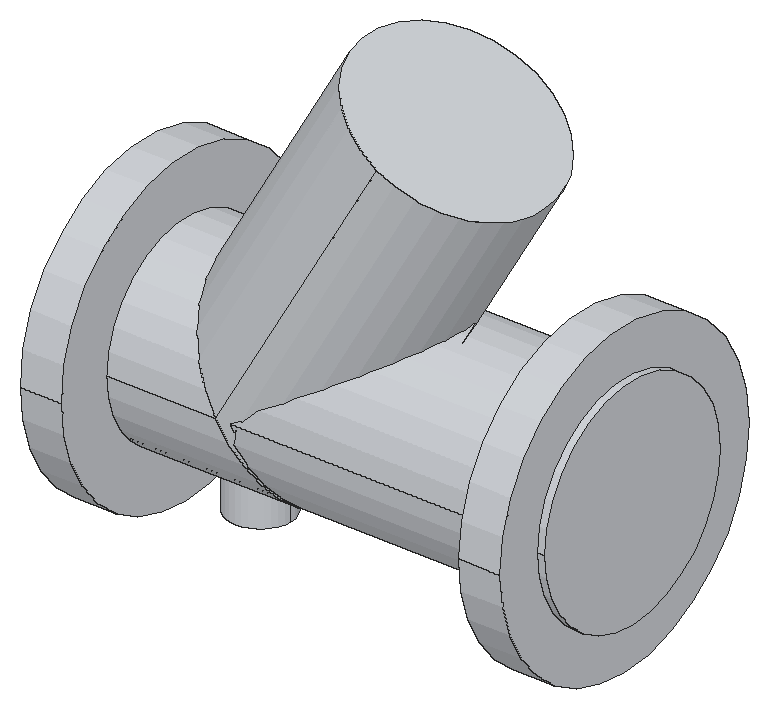
Revit family "HS 821-síto_standard-PN25-DN150-RFA_2018", category Pipe Accessories, Revit 2018
Family settings
  Round Connector Dimension = Use Diameter
  Part Type = Breaks Into
  Work Plane-Based = No
  Always vertical = Yes
  Cut with Voids When Loaded = No
  Shared = No
Parameters (values of type "821D-DN150-PN25-síto_standard")
  magiProductId = "9cf8acfcd15547d68e83172d3abcbe"
  magiProductFamilyId = "79214ac3aaa945e397802f559f5c1e"
  magiPartTypeId = 307
  isMeasuringValve [instance] = no
  ang2D [instance] = 0.00°
  ZB__ve = -ZB  # -47 mm
  ZB1 = 85.455 mm
  ZB = 47 mm
  X2 = 155.885 mm
  X1 = 67.2 mm
  W2D = 15 mm
  VersionID = "2.0/2017.9.26.1/ZETKAMA_821_001"
  Use Minimum Symbol Size [instance] = yes
  URL = "www.hydronic.cz"
  Type Comments = "Filtr přírubový; síto standardní; A-PN16 (-10~300°C); D-PN25 (-10~350°C); F-PN40 (-10~400°C)"
  S = 211 mm
  QmdConnectorList = "301;D;302;D"
  Productdata [instance] = ""
  Manufacturer = "Hydronic Systems Prague s.r.o."
  MC Product Code = "200 292 (821D; DN150; PN25; kvs403; oko síta 1,60mm)"
  LM1 = 38.4 mm
  LM = 384 mm
  L4 = 120 mm
  L2D_Min = 3048 mm
  L2D = 130 mm
  L2 = 240 mm
  HH2 = 270 mm
  FD = 300 mm
  Description = "Filtr přírubový; síto standardní; 821A-PN16; 821D-PN25; 821F-PN40"
  DM1 = 192 mm
  DM = 189.9 mm
  D = 150 mm
  CC = 8.16 mm
  CAT0 = yes
  C1 = 39.84 mm
  C = 48 mm
  BD = 59.818 mm
Types (40, lengths in mm): name | magiProductId | ZB__ve | ZB1 | ZB | X2 | X1 | S | MC Product Code | LM1 | LM | L4 | L2 | HH2 | FD | DM1 | DM | D | CC | C1 | C | BD
  821A-DN015-PN16-síto_standard | "a71bcfe8b393460598b23e8ddf7dc5" | -16.25 | 18.63 | 16.25 | 46.982 | 18.2 | 46 | "200 115 (821A; DN015; PN16; kvs6,3; oko síta 1,00mm)" | 10.4 | 104 | 32.5 | 65 | 81.375 | 95 | 27.6 | 41.4 | 15 | 2.21 | 10.79 | 13 | 13.041
  821A-DN020-PN16-síto_standard | "41cd6c7a12924f4991217528336076" | -17.75 | 22.68 | 17.75 | 51.673 | 21 | 56 | "200 120 (821A; DN020; PN16; kvs11,2; oko síta 1,00mm)" | 12 | 120 | 37.5 | 75 | 89.5 | 105 | 33.6 | 50.4 | 20 | 2.55 | 12.45 | 15 | 15.876
  821A-DN025-PN16-síto_standard | "be378b463ed14c3abf4c9b3ae8cf3a" | -19.25 | 26.325 | 19.25 | 58.601 | 22.4 | 65 | "200 125 (821A; DN025; PN16; kvs14,7; oko síta 1,00mm)" | 12.8 | 128 | 40 | 80 | 101.5 | 115 | 43.2 | 58.5 | 25 | 2.72 | 13.28 | 16 | 18.427
  821A-DN032-PN16-síto_standard | "227a0d18b21540afabe8b6067d35fa" | -23 | 30.78 | 23 | 68.849 | 25.2 | 76 | "200 132 (821A; DN032; PN16; kvs23,7; oko síta 1,00mm)" | 14.4 | 144 | 45 | 90 | 119.25 | 140 | 50.4 | 68.4 | 32 | 3.06 | 14.94 | 18 | 21.546
  821A-DN040-PN16-síto_standard | "d106917c74724141a10440112d0102" | -24.5 | 34.02 | 24.5 | 75.777 | 28 | 84 | "200 140 (821A; DN040; PN16; kvs37,7; oko síta 1,00mm)" | 16 | 160 | 50 | 100 | 131.25 | 150 | 60 | 75.6 | 40 | 3.4 | 16.6 | 20 | 23.814
  821A-DN050-PN16-síto_standard | "8255d456a09e4f6486734f5dd9171b" | -26.75 | 40.095 | 26.75 | 79.061 | 32.2 | 99 | "200 150 (821A; DN050 PN16; kvs57,9; oko síta 1,00mm)" | 18.4 | 184 | 57.5 | 115 | 136.938 | 165 | 73.8 | 89.1 | 50 | 3.91 | 19.09 | 23 | 28.066
  821A-DN065-PN16-síto_standard | "235b1b3e4c0843779a4d5e3716d40a" | -29.75 | 47.79 | 29.75 | 86.927 | 40.6 | 118 | "200 165 (821A; DN065; PN16; kvs101,5; oko síta 1,25mm)" | 23.2 | 232 | 72.5 | 145 | 150.562 | 185 | 94.2 | 106.2 | 65 | 4.93 | 24.07 | 29 | 33.453
  821A-DN080-PN16-síto_standard | "a067f7c5236348ed8c820d16df7214" | -32 | 53.46 | 32 | 104.753 | 43.4 | 132 | "200 180 (821A; DN080; PN16; kvs147,4; oko síta 1,25mm)" | 24.8 | 248 | 77.5 | 155 | 181.438 | 200 | 107.4 | 118.8 | 80 | 5.27 | 25.73 | 31 | 37.422
  821A-DN100-PN16-síto_standard | "c49a648c2747461285837d643703cd" | -35 | 63.18 | 35 | 114.857 | 49 | 156 | "200 190 (821A; DN100; PN16; kvs209,6; oko síta 1,60mm)" | 28 | 280 | 87.5 | 175 | 198.937 | 220 | 131.4 | 140.4 | 100 | 5.95 | 29.05 | 35 | 44.226
  821A-DN125-PN16-síto_standard | "bf68e728a163493cbd2a663b26ebdc" | -39.5 | 74.52 | 39.5 | 131.888 | 56 | 184 | "200 191 (821A; DN125; PN16; kvs326,2; oko síta 1,60mm)" | 32 | 320 | 100 | 200 | 228.438 | 250 | 165 | 165.6 | 125 | 6.8 | 33.2 | 40 | 52.164
  821A-DN150-PN16-síto_standard | "2de770284b654863ae6bc865769dc5" | -44.75 | 85.455 | 44.75 | 155.885 | 67.2 | 211 | "200 192 (821A; DN150; PN16; kvs403; oko síta 1,60mm)" | 38.4 | 384 | 120 | 240 | 270 | 285 | 192 | 189.9 | 150 | 8.16 | 39.84 | 48 | 59.818
  821A-DN200-PN16-síto_standard | "8e5693371ab64aabb29a7f08c76e15" | -53 | 107.73 | 53 | 188.361 | 84 | 266 | "200 193 (821A; DN200; PN16; kvs707; oko síta 1,60mm)" | 48 | 480 | 150 | 300 | 326.25 | 340 | 252 | 239.4 | 200 | 10.2 | 49.8 | 60 | 75.411
  821A-DN250-PN16-síto_standard | "05e37ed948c34047acdd4c42556504" | -62.75 | 129.195 | 62.75 | 255.911 | 102.2 | 319 | "200 194 (821A; DN250; PN16; kvs1234; oko síta 1,60mm)" | 58.4 | 584 | 182.5 | 365 | 443.25 | 405 | 309.6 | 287.1 | 250 | 12.41 | 60.59 | 73 | 90.436
  821A-DN300-PN16-síto_standard | "9ad0af747269428da925480d83ce80" | -71 | 149.85 | 71 | 325.914 | 119 | 370 | "200 195 (821A; DN300; PN16; kvs1916; oko síta 1,60mm)" | 68 | 680 | 212.5 | 425 | 564.5 | 460 | 369.6 | 333 | 300 | 14.45 | 70.55 | 85 | 104.895
  821A-DN350-PN16-síto_standard | "eebc71459bb3451bb4355e7951370a" | -80 | 173.745 | 80 | 356.875 | 137.2 | 429 | "200 196 (821A; DN350; PN16; kvs2621; oko síta 1,60mm)" | 78.4 | 784 | 245 | 490 | 618.125 | 520 | 438 | 386.1 | 350 | 16.66 | 81.34 | 98 | 121.621
  821A-DN400-PN16-síto_standard | "d2f677cb196647e385b2590e7d8abe" | -89 | 194.4 | 89 | 392.237 | 154 | 480 | "200 197 (821A; DN400; PN16; kvs3460; oko síta 1,60mm)" | 88 | 880 | 275 | 550 | 679.375 | 580 | 498 | 432 | 400 | 18.7 | 91.3 | 110 | 136.08
  821D-DN015-PN25-síto_standard | "27ddcbf555414f8ca1fde329bf9087" | -16.25 | 18.63 | 16.25 | 46.982 | 18.2 | 46 | "200 215 (821D; DN015; PN25; kvs6,3; oko síta 1,00mm)" | 10.4 | 104 | 32.5 | 65 | 81.375 | 95 | 27.6 | 41.4 | 15 | 2.21 | 10.79 | 13 | 13.041
  821D-DN020-PN25-síto_standard | "270e0f14012f47189cd0235c18faee" | -17.75 | 22.68 | 17.75 | 51.673 | 21 | 56 | "200 220 (821D; DN020; PN25; kvs11,2; oko síta 1,00mm)" | 12 | 120 | 37.5 | 75 | 89.5 | 105 | 33.6 | 50.4 | 20 | 2.55 | 12.45 | 15 | 15.876
  821D-DN025-PN25-síto_standard | "b9a7fb4aa36643878c637d8e1ab992" | -19.25 | 26.325 | 19.25 | 58.601 | 22.4 | 65 | "200 225 (821D; DN025; PN25; kvs14,7; oko síta 1,00mm)" | 12.8 | 128 | 40 | 80 | 101.5 | 115 | 43.2 | 58.5 | 25 | 2.72 | 13.28 | 16 | 18.427
  821D-DN032-PN25-síto_standard | "6be9a55c4e68400f94eec7e804204c" | -23 | 30.78 | 23 | 68.849 | 25.2 | 76 | "200 232 (821D; DN032; PN25; kvs23,7; oko síta 1,00mm)" | 14.4 | 144 | 45 | 90 | 119.25 | 140 | 50.4 | 68.4 | 32 | 3.06 | 14.94 | 18 | 21.546
  821D-DN040-PN25-síto_standard | "c54511bd7f584ec2984291479612cb" | -24.5 | 34.02 | 24.5 | 75.777 | 28 | 84 | "200 240 (821D; DN040; PN25; kvs37,7; oko síta 1,00mm)" | 16 | 160 | 50 | 100 | 131.25 | 150 | 60 | 75.6 | 40 | 3.4 | 16.6 | 20 | 23.814
  821D-DN050-PN25-síto_standard | "5483b1f596b04cd39b23a14a22c90e" | -26.75 | 40.095 | 26.75 | 79.061 | 32.2 | 99 | "200 250 (821D; DN050; PN25; kvs57,9; oko síta 1,00mm)" | 18.4 | 184 | 57.5 | 115 | 136.938 | 165 | 73.8 | 89.1 | 50 | 3.91 | 19.09 | 23 | 28.066
  821D-DN065-PN25-síto_standard | "767b0f8318e94750bc7a9930ed5b30" | -29.75 | 47.79 | 29.75 | 86.927 | 40.6 | 118 | "200 265 (821D; DN065; PN25; kvs101,5; oko síta 1,25mm)" | 23.2 | 232 | 72.5 | 145 | 150.562 | 185 | 94.2 | 106.2 | 65 | 4.93 | 24.07 | 29 | 33.453
  821D-DN080-PN25-síto_standard | "e21040fa3cc2404b858198f6b73709" | -32 | 53.46 | 32 | 104.753 | 43.4 | 132 | "200 280 (821D; DN080; PN25; kvs147,4; oko síta 1,25mm)" | 24.8 | 248 | 77.5 | 155 | 181.438 | 200 | 107.4 | 118.8 | 80 | 5.27 | 25.73 | 31 | 37.422
  821D-DN100-PN25-síto_standard | "175ca87a506b40b3bc6b82f12f33cf" | -37.25 | 63.18 | 37.25 | 114.857 | 49 | 156 | "200 290 (821D; DN100; PN25; kvs209,6; oko síta 1,60mm)" | 28 | 280 | 87.5 | 175 | 198.937 | 235 | 131.4 | 140.4 | 100 | 5.95 | 29.05 | 35 | 44.226
  821D-DN125-PN25-síto_standard | "77cc98d60da24855999a22dff726b2" | -42.5 | 74.52 | 42.5 | 131.888 | 56 | 184 | "200 291 (821D; DN125; PN25; kvs326,2; oko síta 1,60mm)" | 32 | 320 | 100 | 200 | 228.438 | 270 | 165 | 165.6 | 125 | 6.8 | 33.2 | 40 | 52.164
  821D-DN150-PN25-síto_standard | "9cf8acfcd15547d68e83172d3abcbe" | -47 | 85.455 | 47 | 155.885 | 67.2 | 211 | "200 292 (821D; DN150; PN25; kvs403; oko síta 1,60mm)" | 38.4 | 384 | 120 | 240 | 270 | 300 | 192 | 189.9 | 150 | 8.16 | 39.84 | 48 | 59.818
  821D-DN200-PN25-síto_standard | "16973f3c9ea14389ba8602495a6b64" | -56 | 110.97 | 56 | 188.361 | 84 | 274 | "200 293 (821D; DN200; PN25; kvs707; oko síta 1,60mm)" | 48 | 480 | 150 | 300 | 326.25 | 360 | 252 | 246.6 | 200 | 10.2 | 49.8 | 60 | 77.679
  821F-DN015-PN40-síto_standard | "4c7eaf3c4c0340888b3e684d8a8616" | -16.25 | 18.225 | 16.25 | 46.982 | 18.2 | 45 | "240 615 (821F; DN015; PN40; kvs6,3; oko síta 1,00mm)" | 10.4 | 104 | 32.5 | 65 | 81.375 | 95 | 27.6 | 40.5 | 15 | 2.21 | 10.79 | 13 | 12.757
  821F-DN020-PN40-síto_standard | "aaac5f1ec96b44d6ba96ac2293d66d" | -17.75 | 23.49 | 17.75 | 51.673 | 21 | 58 | "240 620 (821F; DN020; PN40; kvs11,2; oko síta 1,00mm)" | 12 | 120 | 37.5 | 75 | 89.5 | 105 | 33.6 | 52.2 | 20 | 2.55 | 12.45 | 15 | 16.443
  821F-DN025-PN40-síto_standard | "504768023968471481789485b54c7e" | -19.25 | 27.54 | 19.25 | 58.601 | 22.4 | 68 | "240 625 (821F; DN025; PN40; kvs14,7; oko síta 1,00mm)" | 12.8 | 128 | 40 | 80 | 101.5 | 115 | 43.2 | 61.2 | 25 | 2.72 | 13.28 | 16 | 19.278
  821F-DN032-PN40-síto_standard | "165e7f39cf744f329bdf1c400dad12" | -23 | 31.59 | 23 | 68.849 | 25.2 | 78 | "240 632 (821F; DN032; PN40; kvs23,7; oko síta 1,00mm)" | 14.4 | 144 | 45 | 90 | 119.25 | 140 | 50.4 | 70.2 | 32 | 3.06 | 14.94 | 18 | 22.113
  821F-DN040-PN40-síto_standard | "b8903f952089408fbf3a5a632bab1f" | -24.5 | 35.64 | 24.5 | 75.777 | 28 | 88 | "240 640 (821F; DN040; PN40; kvs37,7; oko síta 1,00mm)" | 16 | 160 | 50 | 100 | 131.25 | 150 | 60 | 79.2 | 40 | 3.4 | 16.6 | 20 | 24.948
  821F-DN050-PN40-síto_standard | "c451f97266fe48da8f879cb6a2bd44" | -26.75 | 41.31 | 26.75 | 79.061 | 32.2 | 102 | "240 650 (821F; DN050; PN40; kvs57,9; oko síta 1,00mm)" | 18.4 | 184 | 57.5 | 115 | 136.938 | 165 | 73.8 | 91.8 | 50 | 3.91 | 19.09 | 23 | 28.917
  821F-DN065-PN40-síto_standard | "dc9821e3f9b34e128f6a8c6b34c198" | -29.75 | 49.41 | 29.75 | 86.927 | 40.6 | 122 | "240 665 (821F; DN065; PN40; kvs101,5; oko síta 1,25mm)" | 23.2 | 232 | 72.5 | 145 | 150.562 | 185 | 94.2 | 109.8 | 65 | 4.93 | 24.07 | 29 | 34.587
  821F-DN080-PN40-síto_standard | "689aa1e260f84cf4994f027a1d86b5" | -32 | 55.89 | 32 | 104.753 | 43.4 | 138 | "240 680 (821F; DN080; PN40; kvs147,4; oko síta 1,25mm)" | 24.8 | 248 | 77.5 | 155 | 181.438 | 200 | 107.4 | 124.2 | 80 | 5.27 | 25.73 | 31 | 39.123
  821F-DN100-PN40-síto_standard | "8a45d4e8e2ab425f8c432f21d684f3" | -37.25 | 65.61 | 37.25 | 114.857 | 49 | 162 | "240 690 (821F; DN100; PN40; kvs209,6; oko síta 1,6mm)" | 28 | 280 | 87.5 | 175 | 198.937 | 235 | 131.4 | 145.8 | 100 | 5.95 | 29.05 | 35 | 45.927
  821F-DN125-PN40-síto_standard | "cf073904c006406b8645afa67ea2fc" | -42.5 | 76.14 | 42.5 | 131.888 | 56 | 188 | "240 691 (821F; DN125; PN40; kvs326,2; oko síta 1,6mm)" | 32 | 320 | 100 | 200 | 228.438 | 270 | 165 | 169.2 | 125 | 6.8 | 33.2 | 40 | 53.298
  821F-DN150-PN40-síto_standard | "0153b9ddabe14992a630484929fdbc" | -47 | 88.29 | 47 | 155.885 | 67.2 | 218 | "240 692 (821F; DN150; PN40; kvs403; oko síta 1,6mm)" | 38.4 | 384 | 120 | 240 | 270 | 300 | 192 | 196.2 | 150 | 8.16 | 39.84 | 48 | 61.803
  821F-DN200-PN40-síto_standard | "7fb3fc01dd8d42428c203e3f8dd4d5" | -56 | 115.425 | 56 | 188.361 | 84 | 285 | "240 693 (821F; DN200; PN40; kvs707; oko síta 1,6mm)" | 48 | 480 | 150 | 300 | 326.25 | 360 | 252 | 256.5 | 200 | 10.2 | 49.8 | 60 | 80.797
Reference planes
  plane 1 "Center (Front/Back)": y = 0
  plane 2 "XYPLANE": z = 0
  plane 3 "Center (Left/Right)": x = 0
  plane 4 "109": x = -153.6
  plane 5 "108": x = 192
  plane 6 "107": x = -192
  plane 7 "105": x = 240
  plane 8 "104": x = -240
  plane 9 "103": y = 0
  plane 10 "102": z = 0
  plane 11 "101": x = -231.84
  plane 12 "100": x = 231.84
  plane 13 "11": x = -86.4
  plane 14 "10": z = 270
  plane 15 "9": x = 69.485
  plane 16 "5": z = -85.455
  plane 17 "4": x = -120
  plane 18 "1": x = 120
Forms (mm)
  Extrusion 1, solid, visible <- "CAT0"
    sketch origin (-192, -750, 0) x (0, 1, 0) y (0, 0, 1)
      loop
        circle (750, 0) r 94.95
    from 0 to 384 <- "LM"
  Extrusion 2, solid
    sketch origin (-240, -750, 0) x (0, 1, 0) y (0, 0, 1)
      loop
        circle (750, 0) r 105.5
    from 0 to 8.16 <- "CC"
  Extrusion 3, solid
    sketch origin (-231.84, -750, 0) x (0, 1, 0) y (0, 0, 1)
      loop
        circle (750, 0) r 150
    from 0 to 39.84 <- "C1"
  Extrusion 4, solid
    sketch origin (192, -750, 0) x (0, 1, 0) y (0, 0, 1)
      loop
        circle (750, 0) r 150
    from 0 to 39.84 <- "C1"
  Extrusion 5, solid
    sketch origin (231.84, -750, 0) x (0, 1, 0) y (0, 0, 1)
      loop
        circle (750, 0) r 105.5
    from 0 to 8.16 <- "CC"
  Sweep 6, solid, visible <- "CAT0"
    path origin (750, 0, 0) x (-1, 0, 0) y (0, 0, 1)
      loop
        line (942, 0) -> (836.4, 0) -> (680.515, 270)
    profile origin (-192, 0, 0) x (0, 0, -1) y (0, 1, 0)
      loop
        circle (0, 0) r 96
  Extrusion 7, solid, visible <- "CAT0"
    sketch origin (-750, 0, -85.455) x (1, 0, 0) y (0, 1, 0)
      loop
        circle (630, 0) r 29.909
    from 0 to -47 <- "ZB__ve"
  Extrusion 8, solid, visible <- "CAT0"
    sketch origin (-750, 0, -85.455) x (1, 0, 0) y (0, 1, 0)
      loop
        circle (870, 0) r 29.909
    from 0 to -47 <- "ZB__ve"
  Extrusion 9, solid, not visible
    sketch origin (240, -750, 0) x (0, 1, 0) y (0, 0, 1)
      loop
        circle (750, 0) r 10
    from 0 to -10
  Extrusion 10, solid, not visible
    sketch origin (-240, -750, 0) x (0, 1, 0) y (0, 0, 1)
      loop
        circle (750, 0) r 10
    from 0 to 10
Lines and regions (mm)
  reference lines, not visible
    curve 1: circle (2, 2, 0) r 1 normal (0, 0, 1)
Dimensions and locks
  plane 1 "Center (Front/Back)" to curve 1 = 2 mm
  "LM1": plane 6 "107" to plane 4 "109"
  "LM": plane 6 "107" to plane 5 "108"
  "C": plane 8 "104" to plane 6 "107"
  "L2": plane 3 "Center (Left/Right)" to plane 7 "105"
  "L2": plane 3 "Center (Left/Right)" to plane 8 "104"
  locked: plane 1 "Center (Front/Back)" to plane 9 "103"
  locked: plane 2 "XYPLANE" to plane 10 "102"
  "CC": plane 8 "104" to plane 11 "101"
  "C1": plane 5 "108" to plane 12 "100"
  "X1": plane 4 "109" to plane 13 "11"
  "HH2": plane 2 "XYPLANE" to plane 14 "10"
  "X2": plane 13 "11" to plane 15 "9"
  "ZB1": plane 2 "XYPLANE" to plane 16 "5"
  "L4": plane 8 "104" to plane 17 "4"
  "L2": plane 17 "4" to plane 18 "1"
  Sweep 6 sketch curve to Sweep 6 sketch curve = 0 mm  (x2)
  "DM": diameter of Extrusion 1 sketch curve
  "S": diameter of Extrusion 2 sketch curve
  "FD": diameter of Extrusion 3 sketch curve
  "FD": diameter of Extrusion 4 sketch curve
  "S": diameter of Extrusion 5 sketch curve
  "DM1": diameter of Sweep 6 sketch curve
  "BD": diameter of Extrusion 7 sketch curve
  "BD": diameter of Extrusion 8 sketch curve
  aligned and locked: level to plane 2 "XYPLANE"
  aligned and locked: Extrusion 1 sketch curve to plane 9 "103"
  aligned and locked: plane 10 "102" to Extrusion 1 sketch curve
  aligned and locked: Extrusion 2 sketch curve to plane 9 "103"
  aligned and locked: plane 10 "102" to Extrusion 2 sketch curve
  aligned and locked: Extrusion 3 sketch curve to plane 9 "103"
  aligned and locked: plane 10 "102" to Extrusion 3 sketch curve
  aligned and locked: Extrusion 4 sketch curve to plane 9 "103"
  aligned and locked: plane 10 "102" to Extrusion 4 sketch curve
  aligned and locked: Extrusion 5 sketch curve to plane 9 "103"
  aligned and locked: plane 10 "102" to Extrusion 5 sketch curve
  aligned and locked: Sweep 6 sketch curve to plane 9 "103"
  aligned and locked: plane 10 "102" to Sweep 6 sketch curve  (x3)
  aligned and locked: plane 6 "107" to Sweep 6 sketch curve
  aligned and locked: plane 13 "11" to Sweep 6 sketch curve
  aligned and locked: plane 14 "10" to Sweep 6 sketch curve
  aligned and locked: plane 15 "9" to Sweep 6 sketch curve
  aligned and locked: plane 9 "103" to Extrusion 7 sketch curve
  aligned and locked: plane 17 "4" to Extrusion 7 sketch curve
  aligned and locked: plane 9 "103" to Extrusion 8 sketch curve
  aligned and locked: plane 18 "1" to Extrusion 8 sketch curve
  aligned and locked: Extrusion 9 sketch curve to plane 9 "103"
  aligned and locked: plane 10 "102" to Extrusion 9 sketch curve
  aligned and locked: Extrusion 10 sketch curve to plane 9 "103"
  aligned and locked: plane 10 "102" to Extrusion 10 sketch curve
Automatic sketch dimensions
  plane 1 "Center (Front/Back)" to Extrusion 9 sketch curve = 10 mm
  plane 1 "Center (Front/Back)" to Extrusion 10 sketch curve = 10 mm
  plane 3 "Center (Left/Right)" to curve 1 = 2 mm
  radius of curve 1 = 1 mm
Connectors
  piping at (-240, 0, 0), diameter 150, driven by "D"
    settings: on Extrusion 10, index 1, connector inside diameter 609.6 mm, connector length 0 mm, flow factor 0, pipe flow 0.0 L/s, pressure drop 0.0 Pa, fitting loss kfactor 0, connector angle 0.00°, fixture units 0, engagement length 0 mm, angle of deflection 0.00°, flow configuration 0, flow direction 0, fitting loss method 0, system type 29, joint type 0, gender type 0, connector reference index 2, connector utility 0, adjustable connector no, is connector primary yes, connector description ""
  piping at (240, 0, 0), diameter 150, driven by "D"
    settings: on Extrusion 9, index 2, connector inside diameter 609.6 mm, connector length 0 mm, flow factor 0, pipe flow 0.0 L/s, pressure drop 0.0 Pa, fitting loss kfactor 0, connector angle 0.00°, fixture units 0, engagement length 0 mm, angle of deflection 0.00°, flow configuration 0, flow direction 0, fitting loss method 0, system type 29, joint type 0, gender type 0, connector reference index 1, connector utility 0, adjustable connector no, is connector primary no, connector description ""
